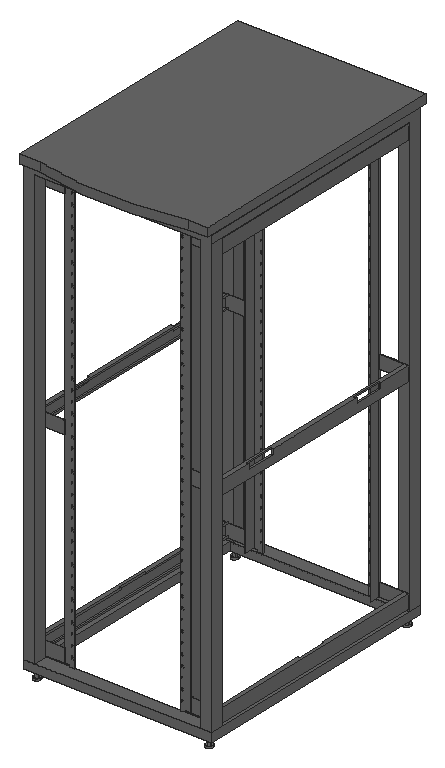
Revit family "V82A-42U-Without Doors-04.04.14", category Electrical Equipment, Revit 2013
Parameters (values of type "V82A-42U")
  Weight = 0.00 lbf
  Visibility Door Right [instance] = and(Side Panel Right, not(Hide Doors))  # no
  Visibility Door Left [instance] = and(Side Panel Left, not(Hide Doors))  # no
  Visibility Door Front [instance] = and(Door Front, not(Hide Doors))  # no
  Visibility Door Back [instance] = and(Door Back, not(Hide Doors))  # no
  Version = ""
  Usable Depth = 1006.00 mm
  U/M = "EA"
  U Space = "42"
  System = "VPOD"
  Side Panel Right = no
  Side Panel Left = no
  Serial Number = ""
  Segment = "CSS"
  Ports = 0
  Mounting rail 45 U = SIEMON STEEL
  Mounting Rail Material = SIEMON STEEL
  Model = "V82A"
  Metal = SIEMON STEEL
  Manufacturer = "SIEMON"
  Lock = ""
  Loaded/Empty = "N/A"
  Item Group = "RACKS"
  Item Class = "1F"
  Hide Doors [instance] = no
  Door Front = no
  Door Construction Side = if(and(Side Panel Right, Side Panel Left), 2, if(and(not(Side Panel Right), not(Side Panel Left)), 0, 1))  # 0
  Door Construction Front = ""
  Door Construction Back = ""
  Door Back = no
  Description = "WARNING: PLEASE RELOAD FAMILY USING THE TYPE CATALOG"
  Color = "BLACK"
  Cabinet Width Overall = 800.00 mm
  Cabinet Height = 2016.00 mm
  Cabinet Depth = 1200.00 mm
Reference planes
  plane 1 "Center (Front/Back)": y = 0
  plane 2: z = 0
  plane 3 "Center (Left/Right)": x = 0
  plane 4: z = 1922.5
  plane 5: z = 1878.05
  plane 6: z = 1833.6
  plane 7: z = 1789.15
  plane 8: z = 1744.7
  plane 9: z = 1700.25
  plane 10: z = 1655.8
  plane 11: z = 1611.35
  plane 12: z = 1566.9
  plane 13: z = 1522.45
  plane 14: z = 1478
  plane 15: z = 1433.55
  plane 16: z = 1389.1
  plane 17: z = 1344.65
  plane 18: z = 1300.2
  plane 19: z = 1255.75
  plane 20: z = 1211.3
  plane 21: z = 1166.85
  plane 22: z = 1122.4
  plane 23: z = 1077.95
  plane 24: z = 1033.5
  plane 25: z = 989.05
  plane 26: z = 944.6
  plane 27: z = 900.15
  plane 28: z = 855.7
  plane 29: z = 811.25
  plane 30: z = 766.8
  plane 31: z = 722.35
  plane 32: z = 677.9
  plane 33: z = 633.45
  plane 34: z = 589
  plane 35: z = 544.55
  plane 36: z = 500.1
  plane 37: z = 455.65
  plane 38: z = 411.2
  plane 39: z = 366.75
  plane 40: z = 322.3
  plane 41: z = 277.85
  plane 42: z = 233.4
  plane 43: z = 188.95
  plane 44: z = 144.5
  plane 45: z = 100.05
Forms (mm)
  Extrusion 1, solid, material "SIEMON STEEL" <- "Mounting rail 45 U"
    sketch origin (-0.234, -15, -124) x (1, 0, 0) y (0, 1, 0)
      loop
        line (501.3, 1185.014) -> (-298.7, 1185.014) -> (-298.7, 75) -> (501.3, 75) -> (501.3, 1185.014)
    from 2067.5 to 2098.45
  Extrusion 2, solid, material "SIEMON STEEL" <- "Mounting rail 45 U"
    sketch origin (-0.106, -90, 10) x (1, 0, 0) y (0, 1, 0)
      loop
        line (454.922, 202.733) -> (454.922, 150) -> (500.922, 150) -> (500.922, 202.733) -> (454.922, 202.733)
      loop
        line (-298.75, 202.733) -> (-298.75, 150) -> (-252.75, 150) -> (-252.75, 202.733) -> (-298.75, 202.733)
      loop
        line (501.172, 1207.872) -> (501.172, 1260) -> (455.163, 1260) -> (455.163, 1207.872) -> (501.172, 1207.872)
      loop
        line (-298.75, 1207.872) -> (-252.75, 1207.872) -> (-252.75, 1260) -> (-298.75, 1260) -> (-298.75, 1207.872)
    from 62.8 to 1933.516
  Extrusion 3, solid, material "SIEMON STEEL" <- "Mounting Rail Material"
    sketch origin (0.02, 0, 7.5) x (1, 0, 0) y (0, 1, 0)
      loop
        line (-298.72, 1170.014) -> (-298.72, 60) -> (501.366, 60) -> (501.366, 1170.014) -> (-298.72, 1170.014)
      loop
        line (-265, 1113.302) -> (-265, 116.7) -> (465, 116.7) -> (465, 1113.302) -> (-265, 1113.302)
    from 29.931 to 65.3
  Extrusion 4, solid, material "Cold rolled steel (CRS)"
    sketch origin (179.665, 750.451, 0) x (1, 0, 0) y (0, 1, 0)
      loop
        circle (289.695, 392.503) r 15
    from 0 to 5.027
  Extrusion 5, solid
    sketch origin (319.561, 202.5, 0) x (1, 0, 0) y (0, 1, 0)
      loop
        circle (149.594, 940.281) r 6
    from 5.027 to 37.431
  Extrusion 6, solid, material "Cold rolled steel (CRS)"
    sketch origin (759.046, 480.196, 0) x (-1, 0, 0) y (0, -1, 0)
      loop
        circle (289.695, 392.503) r 15
    from 0 to 5.027
  Extrusion 7, solid
    sketch origin (618.75, 1028.147, 2.069) x (-1, 0, 0) y (0, -1, 0)
      loop
        circle (149.594, 940.281) r 6
    from 2.958 to 35.361
  Extrusion 8, solid, material "SIEMON STEEL"
    sketch origin (0, -0.108, -124) x (1, 0, 0) y (0, 1, 0)
      loop
        line (-298.7, 37.656) -> (-214.7, 37.656)
        arc (-214.7, 37.656) -> (101.3, 0.156) -> (417.3, 37.656) r 1350.163
        line (417.3, 37.656) -> (501.3, 37.656) -> (501.3, 1200.156) -> (-298.7, 1200.156) -> (-298.7, 37.656)
    from 2102.5 to 2140
  Extrusion 9, solid, material "Cold rolled steel (CRS)"
    sketch origin (23.022, 750.451, 0) x (-1, 0, 0) y (0, -1, 0)
      loop
        circle (289.695, -392.503) r 15
    from 0 to 5.027
  Extrusion 10, solid
    sketch origin (-116.874, 202.5, 0) x (-1, 0, 0) y (0, -1, 0)
      loop
        circle (149.594, -940.281) r 6
    from 5.027 to 37.431
  Extrusion 11, solid, material "Cold rolled steel (CRS)"
    sketch origin (-556.36, 480.196, 0) x (1, 0, 0) y (0, 1, 0)
      loop
        circle (289.695, -392.503) r 15
    from 0 to 5.027
  Extrusion 12, solid
    sketch origin (-416.064, 1028.147, 2.069) x (1, 0, 0) y (0, 1, 0)
      loop
        circle (149.594, -940.281) r 6
    from 2.958 to 35.361
Cuts and joins
  joined: Extrusion 1, Extrusion 2
Lines and regions (mm)
  symbolic lines, detail levels fine
    curve 1: line (256.65, 1060, 61.35) -> (256.65, 1060, 65.3)
  model lines, detail levels coarse+fine
    curve 2: line (330.642, 819.199, 2018.227) -> (-126.77, 819.199, 2018.227)
    curve 3: line (334.645, 815.196, 2018.227) -> (330.642, 819.199, 2018.227)
    curve 4: circle (-51.247, 805.781, 2018.227) r 6.221 normal (0, 0, 1)
    curve 5: circle (259.43, 805.781, 2018.227) r 6.221 normal (0, 0, 1)
    curve 6: line (330.642, 653.922, 2018.227) -> (-126.77, 653.922, 2018.227)
    curve 7: line (-126.77, 653.922, 2018.227) -> (-130.773, 657.924, 2018.227)
    curve 8: line (-130.773, 657.924, 2018.227) -> (-130.773, 815.196, 2018.227)
    curve 9: line (334.645, 815.196, 2018.227) -> (334.645, 657.924, 2018.227)
    curve 10: line (334.645, 657.924, 2018.227) -> (330.642, 653.922, 2018.227)
    curve 11: circle (-51.247, 667.34, 2018.227) r 6.221 normal (0, 0, -1)
    curve 12: circle (259.43, 667.34, 2018.227) r 6.221 normal (0, 0, -1)
    curve 13: line (-130.773, 815.196, 2018.227) -> (-126.77, 819.199, 2018.227)
    curve 14: line (-187.208, 673.705, 2018.227) -> (-187.208, 1053.705, 2018.227)
    curve 15: line (-255.64, 1053.705, 2018.227) -> (-255.64, 673.705, 2018.227)
    curve 16: line (-252.64, 1053.705, 2018.227) -> (-252.64, 673.705, 2018.227)
    curve 17: line (-190.208, 673.705, 2018.227) -> (-190.208, 1053.705, 2018.227)
    curve 18: line (330.642, 628.887, 2018.227) -> (-126.77, 628.887, 2018.227)
    curve 19: line (334.645, 624.884, 2018.227) -> (330.642, 628.887, 2018.227)
    curve 20: circle (-51.247, 615.469, 2018.227) r 6.221 normal (0, 0, 1)
    curve 21: circle (259.43, 615.469, 2018.227) r 6.221 normal (0, 0, 1)
    curve 22: line (330.642, 463.609, 2018.227) -> (-126.77, 463.609, 2018.227)
    curve 23: line (-126.77, 463.609, 2018.227) -> (-130.773, 467.612, 2018.227)
    curve 24: line (-130.773, 467.612, 2018.227) -> (-130.773, 624.884, 2018.227)
    curve 25: line (334.645, 624.884, 2018.227) -> (334.645, 467.612, 2018.227)
    curve 26: line (334.645, 467.612, 2018.227) -> (330.642, 463.609, 2018.227)
    curve 27: circle (-51.247, 477.027, 2018.227) r 6.221 normal (0, 0, -1)
    curve 28: circle (259.43, 477.027, 2018.227) r 6.221 normal (0, 0, -1)
    curve 29: line (-130.773, 624.884, 2018.227) -> (-126.77, 628.887, 2018.227)
    curve 30: line (330.642, 281.699, 2018.227) -> (-126.77, 281.699, 2018.227)
    curve 31: line (334.645, 277.696, 2018.227) -> (330.642, 281.699, 2018.227)
    curve 32: circle (-51.247, 268.281, 2018.227) r 6.221 normal (0, 0, 1)
    curve 33: circle (259.43, 268.281, 2018.227) r 6.221 normal (0, 0, 1)
    curve 34: line (330.642, 116.422, 2018.227) -> (-126.77, 116.422, 2018.227)
    curve 35: line (-126.77, 116.422, 2018.227) -> (-130.773, 120.424, 2018.227)
    curve 36: line (-130.773, 120.424, 2018.227) -> (-130.773, 277.696, 2018.227)
    curve 37: line (334.645, 277.696, 2018.227) -> (334.645, 120.424, 2018.227)
    curve 38: line (334.645, 120.424, 2018.227) -> (330.642, 116.422, 2018.227)
    curve 39: circle (-51.247, 129.84, 2018.227) r 6.221 normal (0, 0, -1)
    curve 40: circle (259.43, 129.84, 2018.227) r 6.221 normal (0, 0, -1)
    curve 41: line (-130.773, 277.696, 2018.227) -> (-126.77, 281.699, 2018.227)
    curve 46: circle (-221.83, 1093.281, 2018.227) r 6.221 normal (0, 0, -1)
    curve 347: line (330.642, 1076.851, 2018.227) -> (-126.77, 1076.851, 2018.227)
    curve 348: line (334.645, 1072.849, 2018.227) -> (330.642, 1076.851, 2018.227)
    curve 349: circle (-51.247, 1063.433, 2018.227) r 6.221 normal (0, 0, 1)
    curve 350: circle (259.43, 1063.433, 2018.227) r 6.221 normal (0, 0, 1)
    curve 351: line (330.642, 911.574, 2018.227) -> (-126.77, 911.574, 2018.227)
    curve 352: line (-126.77, 911.574, 2018.227) -> (-130.773, 915.577, 2018.227)
    curve 353: line (-130.773, 915.577, 2018.227) -> (-130.773, 1072.849, 2018.227)
    curve 354: line (334.645, 1072.849, 2018.227) -> (334.645, 915.577, 2018.227)
    curve 355: line (334.645, 915.577, 2018.227) -> (330.642, 911.574, 2018.227)
    curve 356: circle (-51.247, 924.992, 2018.227) r 6.221 normal (0, 0, -1)
    curve 357: circle (259.43, 924.992, 2018.227) r 6.221 normal (0, 0, -1)
    curve 358: line (-130.773, 1072.849, 2018.227) -> (-126.77, 1076.851, 2018.227)
    curve 367: circle (-221.83, 174.316, 2018.227) r 6.221 normal (0, 0, 1)
    curve 440: line (389.808, 673.705, 2018.227) -> (389.808, 1053.705, 2018.227)
    curve 441: line (458.24, 1053.705, 2018.227) -> (458.24, 673.705, 2018.227)
    curve 442: line (455.24, 1053.705, 2018.227) -> (455.24, 673.705, 2018.227)
    curve 443: line (392.808, 673.705, 2018.227) -> (392.808, 1053.705, 2018.227)
    curve 448: circle (424.43, 1093.281, 2018.227) r 6.221 normal (0, 0, 1)
    curve 749: circle (424.43, 174.316, 2018.227) r 6.221 normal (0, 0, -1)
    curve 822: line (-187.208, 215.376, 2018.227) -> (-187.208, 595.376, 2018.227)
    curve 823: line (-255.64, 595.376, 2018.227) -> (-255.64, 215.376, 2018.227)
    curve 824: line (-252.64, 595.376, 2018.227) -> (-252.64, 215.376, 2018.227)
    curve 825: line (-190.208, 215.376, 2018.227) -> (-190.208, 595.376, 2018.227)
    curve 830: circle (-221.83, 634.952, 2018.227) r 6.221 normal (0, 0, -1)
    curve 831: line (389.808, 215.376, 2018.227) -> (389.808, 595.376, 2018.227)
    curve 832: line (458.24, 595.376, 2018.227) -> (458.24, 215.376, 2018.227)
    curve 833: line (455.24, 595.376, 2018.227) -> (455.24, 215.376, 2018.227)
    curve 834: line (392.808, 215.376, 2018.227) -> (392.808, 595.376, 2018.227)
    curve 839: circle (424.43, 634.952, 2018.227) r 6.221 normal (0, 0, 1)
  model lines
    curve 42: arc (-255.64, 1053.705, 2018.227) -> (-221.424, 1080.132, 2018.227) -> (-187.208, 1053.705, 2018.227) r 35.364
    curve 43: arc (-252.64, 1053.705, 2018.227) -> (-221.424, 1077.116, 2018.227) -> (-190.208, 1053.705, 2018.227) r 32.517
    curve 44: arc (-255.64, 673.705, 2018.227) -> (-221.424, 647.278, 2018.227) -> (-187.208, 673.705, 2018.227) r 35.364
    curve 45: arc (-252.64, 673.705, 2018.227) -> (-221.424, 650.294, 2018.227) -> (-190.208, 673.705, 2018.227) r 32.517
    curve 47: line (-268.89, 936.074, 2018.227) -> (-268.89, 939.074, 2018.227)
    curve 48: line (-268.89, 939.074, 2018.227) -> (-272.89, 939.074, 2018.227)
    curve 49: line (-272.89, 939.074, 2018.227) -> (-272.89, 941.074, 2018.227)
    curve 50: line (-272.89, 941.074, 2018.227) -> (-278.89, 941.074, 2018.227)
    curve 51: line (-282.89, 936.074, 2018.227) -> (-282.89, 939.074, 2018.227)
    curve 52: line (-282.89, 939.074, 2018.227) -> (-278.89, 939.074, 2018.227)
    curve 53: line (-278.89, 939.074, 2018.227) -> (-278.89, 941.074, 2018.227)
    curve 54: line (-268.89, 936.074, 2018.227) -> (-272.89, 936.074, 2018.227)
    curve 55: line (-272.89, 936.074, 2018.227) -> (-272.89, 934.074, 2018.227)
    curve 56: line (-272.89, 934.074, 2018.227) -> (-278.89, 934.074, 2018.227)
    curve 57: line (-282.89, 936.074, 2018.227) -> (-278.89, 936.074, 2018.227)
    curve 58: line (-278.89, 936.074, 2018.227) -> (-278.89, 934.074, 2018.227)
    curve 59: line (-268.89, 905.074, 2018.227) -> (-268.89, 902.074, 2018.227)
    curve 60: line (-268.89, 902.074, 2018.227) -> (-272.89, 902.074, 2018.227)
    curve 61: line (-272.89, 902.074, 2018.227) -> (-272.89, 900.074, 2018.227)
    curve 62: line (-272.89, 900.074, 2018.227) -> (-278.89, 900.074, 2018.227)
    curve 63: line (-282.89, 905.074, 2018.227) -> (-282.89, 902.074, 2018.227)
    curve 64: line (-282.89, 902.074, 2018.227) -> (-278.89, 902.074, 2018.227)
    curve 65: line (-278.89, 902.074, 2018.227) -> (-278.89, 900.074, 2018.227)
    curve 66: line (-268.89, 905.074, 2018.227) -> (-272.89, 905.074, 2018.227)
    curve 67: line (-272.89, 905.074, 2018.227) -> (-272.89, 907.074, 2018.227)
    curve 68: line (-272.89, 907.074, 2018.227) -> (-278.89, 907.074, 2018.227)
    curve 69: line (-282.89, 905.074, 2018.227) -> (-278.89, 905.074, 2018.227)
    curve 70: line (-278.89, 905.074, 2018.227) -> (-278.89, 907.074, 2018.227)
    curve 71: line (-268.89, 868.074, 2018.227) -> (-268.89, 871.074, 2018.227)
    curve 72: line (-268.89, 871.074, 2018.227) -> (-272.89, 871.074, 2018.227)
    curve 73: line (-272.89, 871.074, 2018.227) -> (-272.89, 873.074, 2018.227)
    curve 74: line (-272.89, 873.074, 2018.227) -> (-278.89, 873.074, 2018.227)
    curve 75: line (-282.89, 868.074, 2018.227) -> (-282.89, 871.074, 2018.227)
    curve 76: line (-282.89, 871.074, 2018.227) -> (-278.89, 871.074, 2018.227)
    curve 77: line (-278.89, 871.074, 2018.227) -> (-278.89, 873.074, 2018.227)
    curve 78: line (-268.89, 868.074, 2018.227) -> (-272.89, 868.074, 2018.227)
    curve 79: line (-272.89, 868.074, 2018.227) -> (-272.89, 866.074, 2018.227)
    curve 80: line (-272.89, 866.074, 2018.227) -> (-278.89, 866.074, 2018.227)
    curve 81: line (-282.89, 868.074, 2018.227) -> (-278.89, 868.074, 2018.227)
    curve 82: line (-278.89, 868.074, 2018.227) -> (-278.89, 866.074, 2018.227)
    curve 83: line (-268.89, 800.074, 2018.227) -> (-268.89, 803.074, 2018.227)
    curve 84: line (-268.89, 803.074, 2018.227) -> (-272.89, 803.074, 2018.227)
    curve 85: line (-272.89, 803.074, 2018.227) -> (-272.89, 805.074, 2018.227)
    curve 86: line (-272.89, 805.074, 2018.227) -> (-278.89, 805.074, 2018.227)
    curve 87: line (-282.89, 800.074, 2018.227) -> (-282.89, 803.074, 2018.227)
    curve 88: line (-282.89, 803.074, 2018.227) -> (-278.89, 803.074, 2018.227)
    curve 89: line (-278.89, 803.074, 2018.227) -> (-278.89, 805.074, 2018.227)
    curve 90: line (-268.89, 800.074, 2018.227) -> (-272.89, 800.074, 2018.227)
    curve 91: line (-272.89, 800.074, 2018.227) -> (-272.89, 798.074, 2018.227)
    curve 92: line (-272.89, 798.074, 2018.227) -> (-278.89, 798.074, 2018.227)
    curve 93: line (-282.89, 800.074, 2018.227) -> (-278.89, 800.074, 2018.227)
    curve 94: line (-278.89, 800.074, 2018.227) -> (-278.89, 798.074, 2018.227)
    curve 95: line (-268.89, 837.074, 2018.227) -> (-268.89, 834.074, 2018.227)
    curve 96: line (-268.89, 834.074, 2018.227) -> (-272.89, 834.074, 2018.227)
    curve 97: line (-272.89, 834.074, 2018.227) -> (-272.89, 832.074, 2018.227)
    curve 98: line (-272.89, 832.074, 2018.227) -> (-278.89, 832.074, 2018.227)
    curve 99: line (-282.89, 837.074, 2018.227) -> (-282.89, 834.074, 2018.227)
    curve 100: line (-282.89, 834.074, 2018.227) -> (-278.89, 834.074, 2018.227)
    curve 101: line (-278.89, 834.074, 2018.227) -> (-278.89, 832.074, 2018.227)
    curve 102: line (-268.89, 837.074, 2018.227) -> (-272.89, 837.074, 2018.227)
    curve 103: line (-272.89, 837.074, 2018.227) -> (-272.89, 839.074, 2018.227)
    curve 104: line (-272.89, 839.074, 2018.227) -> (-278.89, 839.074, 2018.227)
    curve 105: line (-282.89, 837.074, 2018.227) -> (-278.89, 837.074, 2018.227)
    curve 106: line (-278.89, 837.074, 2018.227) -> (-278.89, 839.074, 2018.227)
    curve 107: line (-268.89, 701.074, 2018.227) -> (-268.89, 698.074, 2018.227)
    curve 108: line (-268.89, 698.074, 2018.227) -> (-272.89, 698.074, 2018.227)
    curve 109: line (-272.89, 698.074, 2018.227) -> (-272.89, 696.074, 2018.227)
    curve 110: line (-272.89, 696.074, 2018.227) -> (-278.89, 696.074, 2018.227)
    curve 111: line (-282.89, 701.074, 2018.227) -> (-282.89, 698.074, 2018.227)
    curve 112: line (-282.89, 698.074, 2018.227) -> (-278.89, 698.074, 2018.227)
    curve 113: line (-278.89, 698.074, 2018.227) -> (-278.89, 696.074, 2018.227)
    curve 114: line (-268.89, 701.074, 2018.227) -> (-272.89, 701.074, 2018.227)
    curve 115: line (-272.89, 701.074, 2018.227) -> (-272.89, 703.074, 2018.227)
    curve 116: line (-272.89, 703.074, 2018.227) -> (-278.89, 703.074, 2018.227)
    curve 117: line (-282.89, 701.074, 2018.227) -> (-278.89, 701.074, 2018.227)
    curve 118: line (-278.89, 701.074, 2018.227) -> (-278.89, 703.074, 2018.227)
    curve 119: line (-268.89, 769.074, 2018.227) -> (-268.89, 766.074, 2018.227)
    curve 120: line (-268.89, 766.074, 2018.227) -> (-272.89, 766.074, 2018.227)
    curve 121: line (-272.89, 766.074, 2018.227) -> (-272.89, 764.074, 2018.227)
    curve 122: line (-272.89, 764.074, 2018.227) -> (-278.89, 764.074, 2018.227)
    curve 123: line (-282.89, 769.074, 2018.227) -> (-282.89, 766.074, 2018.227)
    curve 124: line (-282.89, 766.074, 2018.227) -> (-278.89, 766.074, 2018.227)
    curve 125: line (-278.89, 766.074, 2018.227) -> (-278.89, 764.074, 2018.227)
    curve 126: line (-268.89, 769.074, 2018.227) -> (-272.89, 769.074, 2018.227)
    curve 127: line (-272.89, 769.074, 2018.227) -> (-272.89, 771.074, 2018.227)
    curve 128: line (-272.89, 771.074, 2018.227) -> (-278.89, 771.074, 2018.227)
    curve 129: line (-282.89, 769.074, 2018.227) -> (-278.89, 769.074, 2018.227)
    curve 130: line (-278.89, 769.074, 2018.227) -> (-278.89, 771.074, 2018.227)
    curve 131: line (-268.89, 732.074, 2018.227) -> (-268.89, 735.074, 2018.227)
    curve 132: line (-268.89, 735.074, 2018.227) -> (-272.89, 735.074, 2018.227)
    curve 133: line (-272.89, 735.074, 2018.227) -> (-272.89, 737.074, 2018.227)
    curve 134: line (-272.89, 737.074, 2018.227) -> (-278.89, 737.074, 2018.227)
    curve 135: line (-282.89, 732.074, 2018.227) -> (-282.89, 735.074, 2018.227)
    curve 136: line (-282.89, 735.074, 2018.227) -> (-278.89, 735.074, 2018.227)
    curve 137: line (-278.89, 735.074, 2018.227) -> (-278.89, 737.074, 2018.227)
    curve 138: line (-268.89, 732.074, 2018.227) -> (-272.89, 732.074, 2018.227)
    curve 139: line (-272.89, 732.074, 2018.227) -> (-272.89, 730.074, 2018.227)
    curve 140: line (-272.89, 730.074, 2018.227) -> (-278.89, 730.074, 2018.227)
    curve 141: line (-282.89, 732.074, 2018.227) -> (-278.89, 732.074, 2018.227)
    curve 142: line (-278.89, 732.074, 2018.227) -> (-278.89, 730.074, 2018.227)
    curve 143: line (-268.89, 460.074, 2018.227) -> (-268.89, 463.074, 2018.227)
    curve 144: line (-268.89, 463.074, 2018.227) -> (-272.89, 463.074, 2018.227)
    curve 145: line (-272.89, 463.074, 2018.227) -> (-272.89, 465.074, 2018.227)
    curve 146: line (-272.89, 465.074, 2018.227) -> (-278.89, 465.074, 2018.227)
    curve 147: line (-282.89, 460.074, 2018.227) -> (-282.89, 463.074, 2018.227)
    curve 148: line (-282.89, 463.074, 2018.227) -> (-278.89, 463.074, 2018.227)
    curve 149: line (-278.89, 463.074, 2018.227) -> (-278.89, 465.074, 2018.227)
    curve 150: line (-268.89, 460.074, 2018.227) -> (-272.89, 460.074, 2018.227)
    curve 151: line (-272.89, 460.074, 2018.227) -> (-272.89, 458.074, 2018.227)
    curve 152: line (-272.89, 458.074, 2018.227) -> (-278.89, 458.074, 2018.227)
    curve 153: line (-282.89, 460.074, 2018.227) -> (-278.89, 460.074, 2018.227)
    curve 154: line (-278.89, 460.074, 2018.227) -> (-278.89, 458.074, 2018.227)
    curve 155: line (-268.89, 497.074, 2018.227) -> (-268.89, 494.074, 2018.227)
    curve 156: line (-268.89, 494.074, 2018.227) -> (-272.89, 494.074, 2018.227)
    curve 157: line (-272.89, 494.074, 2018.227) -> (-272.89, 492.074, 2018.227)
    curve 158: line (-272.89, 492.074, 2018.227) -> (-278.89, 492.074, 2018.227)
    curve 159: line (-282.89, 497.074, 2018.227) -> (-282.89, 494.074, 2018.227)
    curve 160: line (-282.89, 494.074, 2018.227) -> (-278.89, 494.074, 2018.227)
    curve 161: line (-278.89, 494.074, 2018.227) -> (-278.89, 492.074, 2018.227)
    curve 162: line (-268.89, 497.074, 2018.227) -> (-272.89, 497.074, 2018.227)
    curve 163: line (-272.89, 497.074, 2018.227) -> (-272.89, 499.074, 2018.227)
    curve 164: line (-272.89, 499.074, 2018.227) -> (-278.89, 499.074, 2018.227)
    curve 165: line (-282.89, 497.074, 2018.227) -> (-278.89, 497.074, 2018.227)
    curve 166: line (-278.89, 497.074, 2018.227) -> (-278.89, 499.074, 2018.227)
    curve 167: line (-268.89, 565.074, 2018.227) -> (-268.89, 562.074, 2018.227)
    curve 168: line (-268.89, 562.074, 2018.227) -> (-272.89, 562.074, 2018.227)
    curve 169: line (-272.89, 562.074, 2018.227) -> (-272.89, 560.074, 2018.227)
    curve 170: line (-272.89, 560.074, 2018.227) -> (-278.89, 560.074, 2018.227)
    curve 171: line (-282.89, 565.074, 2018.227) -> (-282.89, 562.074, 2018.227)
    curve 172: line (-282.89, 562.074, 2018.227) -> (-278.89, 562.074, 2018.227)
    curve 173: line (-278.89, 562.074, 2018.227) -> (-278.89, 560.074, 2018.227)
    curve 174: line (-268.89, 565.074, 2018.227) -> (-272.89, 565.074, 2018.227)
    curve 175: line (-272.89, 565.074, 2018.227) -> (-272.89, 567.074, 2018.227)
    curve 176: line (-272.89, 567.074, 2018.227) -> (-278.89, 567.074, 2018.227)
    curve 177: line (-282.89, 565.074, 2018.227) -> (-278.89, 565.074, 2018.227)
    curve 178: line (-278.89, 565.074, 2018.227) -> (-278.89, 567.074, 2018.227)
    curve 179: line (-268.89, 528.074, 2018.227) -> (-268.89, 531.074, 2018.227)
    curve 180: line (-268.89, 531.074, 2018.227) -> (-272.89, 531.074, 2018.227)
    curve 181: line (-272.89, 531.074, 2018.227) -> (-272.89, 533.074, 2018.227)
    curve 182: line (-272.89, 533.074, 2018.227) -> (-278.89, 533.074, 2018.227)
    curve 183: line (-282.89, 528.074, 2018.227) -> (-282.89, 531.074, 2018.227)
    curve 184: line (-282.89, 531.074, 2018.227) -> (-278.89, 531.074, 2018.227)
    curve 185: line (-278.89, 531.074, 2018.227) -> (-278.89, 533.074, 2018.227)
    curve 186: line (-268.89, 528.074, 2018.227) -> (-272.89, 528.074, 2018.227)
    curve 187: line (-272.89, 528.074, 2018.227) -> (-272.89, 526.074, 2018.227)
    curve 188: line (-272.89, 526.074, 2018.227) -> (-278.89, 526.074, 2018.227)
    curve 189: line (-282.89, 528.074, 2018.227) -> (-278.89, 528.074, 2018.227)
    curve 190: line (-278.89, 528.074, 2018.227) -> (-278.89, 526.074, 2018.227)
    curve 191: line (-268.89, 664.074, 2018.227) -> (-268.89, 667.074, 2018.227)
    curve 192: line (-268.89, 667.074, 2018.227) -> (-272.89, 667.074, 2018.227)
    curve 193: line (-272.89, 667.074, 2018.227) -> (-272.89, 669.074, 2018.227)
    curve 194: line (-272.89, 669.074, 2018.227) -> (-278.89, 669.074, 2018.227)
    curve 195: line (-282.89, 664.074, 2018.227) -> (-282.89, 667.074, 2018.227)
    curve 196: line (-282.89, 667.074, 2018.227) -> (-278.89, 667.074, 2018.227)
    curve 197: line (-278.89, 667.074, 2018.227) -> (-278.89, 669.074, 2018.227)
    curve 198: line (-268.89, 664.074, 2018.227) -> (-272.89, 664.074, 2018.227)
    curve 199: line (-272.89, 664.074, 2018.227) -> (-272.89, 662.074, 2018.227)
    curve 200: line (-272.89, 662.074, 2018.227) -> (-278.89, 662.074, 2018.227)
    curve 201: line (-282.89, 664.074, 2018.227) -> (-278.89, 664.074, 2018.227)
    curve 202: line (-278.89, 664.074, 2018.227) -> (-278.89, 662.074, 2018.227)
    curve 203: line (-268.89, 596.074, 2018.227) -> (-268.89, 599.074, 2018.227)
    curve 204: line (-268.89, 599.074, 2018.227) -> (-272.89, 599.074, 2018.227)
    curve 205: line (-272.89, 599.074, 2018.227) -> (-272.89, 601.074, 2018.227)
    curve 206: line (-272.89, 601.074, 2018.227) -> (-278.89, 601.074, 2018.227)
    curve 207: line (-282.89, 596.074, 2018.227) -> (-282.89, 599.074, 2018.227)
    curve 208: line (-282.89, 599.074, 2018.227) -> (-278.89, 599.074, 2018.227)
    curve 209: line (-278.89, 599.074, 2018.227) -> (-278.89, 601.074, 2018.227)
    curve 210: line (-268.89, 596.074, 2018.227) -> (-272.89, 596.074, 2018.227)
    curve 211: line (-272.89, 596.074, 2018.227) -> (-272.89, 594.074, 2018.227)
    curve 212: line (-272.89, 594.074, 2018.227) -> (-278.89, 594.074, 2018.227)
    curve 213: line (-282.89, 596.074, 2018.227) -> (-278.89, 596.074, 2018.227)
    curve 214: line (-278.89, 596.074, 2018.227) -> (-278.89, 594.074, 2018.227)
    curve 215: line (-268.89, 633.074, 2018.227) -> (-268.89, 630.074, 2018.227)
    curve 216: line (-268.89, 630.074, 2018.227) -> (-272.89, 630.074, 2018.227)
    curve 217: line (-272.89, 630.074, 2018.227) -> (-272.89, 628.074, 2018.227)
    curve 218: line (-272.89, 628.074, 2018.227) -> (-278.89, 628.074, 2018.227)
    curve 219: line (-282.89, 633.074, 2018.227) -> (-282.89, 630.074, 2018.227)
    curve 220: line (-282.89, 630.074, 2018.227) -> (-278.89, 630.074, 2018.227)
    curve 221: line (-278.89, 630.074, 2018.227) -> (-278.89, 628.074, 2018.227)
    curve 222: line (-268.89, 633.074, 2018.227) -> (-272.89, 633.074, 2018.227)
    curve 223: line (-272.89, 633.074, 2018.227) -> (-272.89, 635.074, 2018.227)
    curve 224: line (-272.89, 635.074, 2018.227) -> (-278.89, 635.074, 2018.227)
    curve 225: line (-282.89, 633.074, 2018.227) -> (-278.89, 633.074, 2018.227)
    curve 226: line (-278.89, 633.074, 2018.227) -> (-278.89, 635.074, 2018.227)
    curve 227: line (-268.89, 188.074, 2018.227) -> (-268.89, 191.074, 2018.227)
    curve 228: line (-268.89, 191.074, 2018.227) -> (-272.89, 191.074, 2018.227)
    curve 229: line (-272.89, 191.074, 2018.227) -> (-272.89, 193.074, 2018.227)
    curve 230: line (-272.89, 193.074, 2018.227) -> (-278.89, 193.074, 2018.227)
    curve 231: line (-282.89, 188.074, 2018.227) -> (-282.89, 191.074, 2018.227)
    curve 232: line (-282.89, 191.074, 2018.227) -> (-278.89, 191.074, 2018.227)
    curve 233: line (-278.89, 191.074, 2018.227) -> (-278.89, 193.074, 2018.227)
    curve 234: line (-268.89, 188.074, 2018.227) -> (-272.89, 188.074, 2018.227)
    curve 235: line (-272.89, 188.074, 2018.227) -> (-272.89, 186.074, 2018.227)
    curve 236: line (-272.89, 186.074, 2018.227) -> (-278.89, 186.074, 2018.227)
    curve 237: line (-282.89, 188.074, 2018.227) -> (-278.89, 188.074, 2018.227)
    curve 238: line (-278.89, 188.074, 2018.227) -> (-278.89, 186.074, 2018.227)
    curve 239: line (-268.89, 120.074, 2018.227) -> (-268.89, 123.074, 2018.227)
    curve 240: line (-268.89, 123.074, 2018.227) -> (-272.89, 123.074, 2018.227)
    curve 241: line (-272.89, 123.074, 2018.227) -> (-272.89, 125.074, 2018.227)
    curve 242: line (-272.89, 125.074, 2018.227) -> (-278.89, 125.074, 2018.227)
    curve 243: line (-282.89, 120.074, 2018.227) -> (-282.89, 123.074, 2018.227)
    curve 244: line (-282.89, 123.074, 2018.227) -> (-278.89, 123.074, 2018.227)
    curve 245: line (-278.89, 123.074, 2018.227) -> (-278.89, 125.074, 2018.227)
    curve 246: line (-268.89, 120.074, 2018.227) -> (-272.89, 120.074, 2018.227)
    curve 247: line (-272.89, 120.074, 2018.227) -> (-272.89, 118.074, 2018.227)
    curve 248: line (-272.89, 118.074, 2018.227) -> (-278.89, 118.074, 2018.227)
    curve 249: line (-282.89, 120.074, 2018.227) -> (-278.89, 120.074, 2018.227)
    curve 250: line (-278.89, 120.074, 2018.227) -> (-278.89, 118.074, 2018.227)
    curve 251: line (-268.89, 157.074, 2018.227) -> (-268.89, 154.074, 2018.227)
    curve 252: line (-268.89, 154.074, 2018.227) -> (-272.89, 154.074, 2018.227)
    curve 253: line (-272.89, 154.074, 2018.227) -> (-272.89, 152.074, 2018.227)
    curve 254: line (-272.89, 152.074, 2018.227) -> (-278.89, 152.074, 2018.227)
    curve 255: line (-282.89, 157.074, 2018.227) -> (-282.89, 154.074, 2018.227)
    curve 256: line (-282.89, 154.074, 2018.227) -> (-278.89, 154.074, 2018.227)
    curve 257: line (-278.89, 154.074, 2018.227) -> (-278.89, 152.074, 2018.227)
    curve 258: line (-268.89, 157.074, 2018.227) -> (-272.89, 157.074, 2018.227)
    curve 259: line (-272.89, 157.074, 2018.227) -> (-272.89, 159.074, 2018.227)
    curve 260: line (-272.89, 159.074, 2018.227) -> (-278.89, 159.074, 2018.227)
    curve 261: line (-282.89, 157.074, 2018.227) -> (-278.89, 157.074, 2018.227)
    curve 262: line (-278.89, 157.074, 2018.227) -> (-278.89, 159.074, 2018.227)
    curve 263: line (-268.89, 429.074, 2018.227) -> (-268.89, 426.074, 2018.227)
    curve 264: line (-268.89, 426.074, 2018.227) -> (-272.89, 426.074, 2018.227)
    curve 265: line (-272.89, 426.074, 2018.227) -> (-272.89, 424.074, 2018.227)
    curve 266: line (-272.89, 424.074, 2018.227) -> (-278.89, 424.074, 2018.227)
    curve 267: line (-282.89, 429.074, 2018.227) -> (-282.89, 426.074, 2018.227)
    curve 268: line (-282.89, 426.074, 2018.227) -> (-278.89, 426.074, 2018.227)
    curve 269: line (-278.89, 426.074, 2018.227) -> (-278.89, 424.074, 2018.227)
    curve 270: line (-268.89, 429.074, 2018.227) -> (-272.89, 429.074, 2018.227)
    curve 271: line (-272.89, 429.074, 2018.227) -> (-272.89, 431.074, 2018.227)
    curve 272: line (-272.89, 431.074, 2018.227) -> (-278.89, 431.074, 2018.227)
    curve 273: line (-282.89, 429.074, 2018.227) -> (-278.89, 429.074, 2018.227)
    curve 274: line (-278.89, 429.074, 2018.227) -> (-278.89, 431.074, 2018.227)
    curve 275: line (-268.89, 392.074, 2018.227) -> (-268.89, 395.074, 2018.227)
    curve 276: line (-268.89, 395.074, 2018.227) -> (-272.89, 395.074, 2018.227)
    curve 277: line (-272.89, 395.074, 2018.227) -> (-272.89, 397.074, 2018.227)
    curve 278: line (-272.89, 397.074, 2018.227) -> (-278.89, 397.074, 2018.227)
    curve 279: line (-282.89, 392.074, 2018.227) -> (-282.89, 395.074, 2018.227)
    curve 280: line (-282.89, 395.074, 2018.227) -> (-278.89, 395.074, 2018.227)
    curve 281: line (-278.89, 395.074, 2018.227) -> (-278.89, 397.074, 2018.227)
    curve 282: line (-268.89, 392.074, 2018.227) -> (-272.89, 392.074, 2018.227)
    curve 283: line (-272.89, 392.074, 2018.227) -> (-272.89, 390.074, 2018.227)
    curve 284: line (-272.89, 390.074, 2018.227) -> (-278.89, 390.074, 2018.227)
    curve 285: line (-282.89, 392.074, 2018.227) -> (-278.89, 392.074, 2018.227)
    curve 286: line (-278.89, 392.074, 2018.227) -> (-278.89, 390.074, 2018.227)
    curve 287: line (-268.89, 324.074, 2018.227) -> (-268.89, 327.074, 2018.227)
    curve 288: line (-268.89, 327.074, 2018.227) -> (-272.89, 327.074, 2018.227)
    curve 289: line (-272.89, 327.074, 2018.227) -> (-272.89, 329.074, 2018.227)
    curve 290: line (-272.89, 329.074, 2018.227) -> (-278.89, 329.074, 2018.227)
    curve 291: line (-282.89, 324.074, 2018.227) -> (-282.89, 327.074, 2018.227)
    curve 292: line (-282.89, 327.074, 2018.227) -> (-278.89, 327.074, 2018.227)
    curve 293: line (-278.89, 327.074, 2018.227) -> (-278.89, 329.074, 2018.227)
    curve 294: line (-268.89, 324.074, 2018.227) -> (-272.89, 324.074, 2018.227)
    curve 295: line (-272.89, 324.074, 2018.227) -> (-272.89, 322.074, 2018.227)
    curve 296: line (-272.89, 322.074, 2018.227) -> (-278.89, 322.074, 2018.227)
    curve 297: line (-282.89, 324.074, 2018.227) -> (-278.89, 324.074, 2018.227)
    curve 298: line (-278.89, 324.074, 2018.227) -> (-278.89, 322.074, 2018.227)
    curve 299: line (-268.89, 361.074, 2018.227) -> (-268.89, 358.074, 2018.227)
    curve 300: line (-268.89, 358.074, 2018.227) -> (-272.89, 358.074, 2018.227)
    curve 301: line (-272.89, 358.074, 2018.227) -> (-272.89, 356.074, 2018.227)
    curve 302: line (-272.89, 356.074, 2018.227) -> (-278.89, 356.074, 2018.227)
    curve 303: line (-282.89, 361.074, 2018.227) -> (-282.89, 358.074, 2018.227)
    curve 304: line (-282.89, 358.074, 2018.227) -> (-278.89, 358.074, 2018.227)
    curve 305: line (-278.89, 358.074, 2018.227) -> (-278.89, 356.074, 2018.227)
    curve 306: line (-268.89, 361.074, 2018.227) -> (-272.89, 361.074, 2018.227)
    curve 307: line (-272.89, 361.074, 2018.227) -> (-272.89, 363.074, 2018.227)
    curve 308: line (-272.89, 363.074, 2018.227) -> (-278.89, 363.074, 2018.227)
    curve 309: line (-282.89, 361.074, 2018.227) -> (-278.89, 361.074, 2018.227)
    curve 310: line (-278.89, 361.074, 2018.227) -> (-278.89, 363.074, 2018.227)
    curve 311: line (-268.89, 225.074, 2018.227) -> (-268.89, 222.074, 2018.227)
    curve 312: line (-268.89, 222.074, 2018.227) -> (-272.89, 222.074, 2018.227)
    curve 313: line (-272.89, 222.074, 2018.227) -> (-272.89, 220.074, 2018.227)
    curve 314: line (-272.89, 220.074, 2018.227) -> (-278.89, 220.074, 2018.227)
    curve 315: line (-282.89, 225.074, 2018.227) -> (-282.89, 222.074, 2018.227)
    curve 316: line (-282.89, 222.074, 2018.227) -> (-278.89, 222.074, 2018.227)
    curve 317: line (-278.89, 222.074, 2018.227) -> (-278.89, 220.074, 2018.227)
    curve 318: line (-268.89, 225.074, 2018.227) -> (-272.89, 225.074, 2018.227)
    curve 319: line (-272.89, 225.074, 2018.227) -> (-272.89, 227.074, 2018.227)
    curve 320: line (-272.89, 227.074, 2018.227) -> (-278.89, 227.074, 2018.227)
    curve 321: line (-282.89, 225.074, 2018.227) -> (-278.89, 225.074, 2018.227)
    curve 322: line (-278.89, 225.074, 2018.227) -> (-278.89, 227.074, 2018.227)
    curve 323: line (-268.89, 293.074, 2018.227) -> (-268.89, 290.074, 2018.227)
    curve 324: line (-268.89, 290.074, 2018.227) -> (-272.89, 290.074, 2018.227)
    curve 325: line (-272.89, 290.074, 2018.227) -> (-272.89, 288.074, 2018.227)
    curve 326: line (-272.89, 288.074, 2018.227) -> (-278.89, 288.074, 2018.227)
    curve 327: line (-282.89, 293.074, 2018.227) -> (-282.89, 290.074, 2018.227)
    curve 328: line (-282.89, 290.074, 2018.227) -> (-278.89, 290.074, 2018.227)
    curve 329: line (-278.89, 290.074, 2018.227) -> (-278.89, 288.074, 2018.227)
    curve 330: line (-268.89, 293.074, 2018.227) -> (-272.89, 293.074, 2018.227)
    curve 331: line (-272.89, 293.074, 2018.227) -> (-272.89, 295.074, 2018.227)
    curve 332: line (-272.89, 295.074, 2018.227) -> (-278.89, 295.074, 2018.227)
    curve 333: line (-282.89, 293.074, 2018.227) -> (-278.89, 293.074, 2018.227)
    curve 334: line (-278.89, 293.074, 2018.227) -> (-278.89, 295.074, 2018.227)
    curve 335: line (-268.89, 256.074, 2018.227) -> (-268.89, 259.074, 2018.227)
    curve 336: line (-268.89, 259.074, 2018.227) -> (-272.89, 259.074, 2018.227)
    curve 337: line (-272.89, 259.074, 2018.227) -> (-272.89, 261.074, 2018.227)
    curve 338: line (-272.89, 261.074, 2018.227) -> (-278.89, 261.074, 2018.227)
    curve 339: line (-282.89, 256.074, 2018.227) -> (-282.89, 259.074, 2018.227)
    curve 340: line (-282.89, 259.074, 2018.227) -> (-278.89, 259.074, 2018.227)
    curve 341: line (-278.89, 259.074, 2018.227) -> (-278.89, 261.074, 2018.227)
    curve 342: line (-268.89, 256.074, 2018.227) -> (-272.89, 256.074, 2018.227)
    curve 343: line (-272.89, 256.074, 2018.227) -> (-272.89, 254.074, 2018.227)
    curve 344: line (-272.89, 254.074, 2018.227) -> (-278.89, 254.074, 2018.227)
    curve 345: line (-282.89, 256.074, 2018.227) -> (-278.89, 256.074, 2018.227)
    curve 346: line (-278.89, 256.074, 2018.227) -> (-278.89, 254.074, 2018.227)
    curve 359: line (-119.593, 1111.548, 2018.227) -> (323.466, 1111.548, 2018.227)
    curve 360: line (-178.773, 1052.368, 2018.227) -> (-178.773, 488.091, 2018.227)
    curve 361: line (-119.911, 429.23, 2018.227) -> (323.784, 429.23, 2018.227)
    curve 362: line (379.587, 1055.427, 2018.227) -> (379.587, 485.034, 2018.227)
    curve 363: line (-119.593, 1111.548, 2018.227) -> (-178.773, 1052.368, 2018.227)
    curve 364: line (323.466, 1111.548, 2018.227) -> (379.587, 1055.427, 2018.227)
    curve 365: line (-119.911, 429.23, 2018.227) -> (-178.773, 488.091, 2018.227)
    curve 366: line (323.784, 429.23, 2018.227) -> (379.587, 485.034, 2018.227)
    curve 368: line (-268.89, 973.074, 2018.227) -> (-268.89, 970.074, 2018.227)
    curve 369: line (-268.89, 970.074, 2018.227) -> (-272.89, 970.074, 2018.227)
    curve 370: line (-272.89, 970.074, 2018.227) -> (-272.89, 968.074, 2018.227)
    curve 371: line (-272.89, 968.074, 2018.227) -> (-278.89, 968.074, 2018.227)
    curve 372: line (-282.89, 973.074, 2018.227) -> (-282.89, 970.074, 2018.227)
    curve 373: line (-282.89, 970.074, 2018.227) -> (-278.89, 970.074, 2018.227)
    curve 374: line (-278.89, 970.074, 2018.227) -> (-278.89, 968.074, 2018.227)
    curve 375: line (-268.89, 973.074, 2018.227) -> (-272.89, 973.074, 2018.227)
    curve 376: line (-272.89, 973.074, 2018.227) -> (-272.89, 975.074, 2018.227)
    curve 377: line (-272.89, 975.074, 2018.227) -> (-278.89, 975.074, 2018.227)
    curve 378: line (-282.89, 973.074, 2018.227) -> (-278.89, 973.074, 2018.227)
    curve 379: line (-278.89, 973.074, 2018.227) -> (-278.89, 975.074, 2018.227)
    curve 380: line (-268.89, 1004.074, 2018.227) -> (-268.89, 1007.074, 2018.227)
    curve 381: line (-268.89, 1007.074, 2018.227) -> (-272.89, 1007.074, 2018.227)
    curve 382: line (-272.89, 1007.074, 2018.227) -> (-272.89, 1009.074, 2018.227)
    curve 383: line (-272.89, 1009.074, 2018.227) -> (-278.89, 1009.074, 2018.227)
    curve 384: line (-282.89, 1004.074, 2018.227) -> (-282.89, 1007.074, 2018.227)
    curve 385: line (-282.89, 1007.074, 2018.227) -> (-278.89, 1007.074, 2018.227)
    curve 386: line (-278.89, 1007.074, 2018.227) -> (-278.89, 1009.074, 2018.227)
    curve 387: line (-268.89, 1004.074, 2018.227) -> (-272.89, 1004.074, 2018.227)
    curve 388: line (-272.89, 1004.074, 2018.227) -> (-272.89, 1002.074, 2018.227)
    curve 389: line (-272.89, 1002.074, 2018.227) -> (-278.89, 1002.074, 2018.227)
    curve 390: line (-282.89, 1004.074, 2018.227) -> (-278.89, 1004.074, 2018.227)
    curve 391: line (-278.89, 1004.074, 2018.227) -> (-278.89, 1002.074, 2018.227)
    curve 392: line (-268.89, 1072.074, 2018.227) -> (-268.89, 1075.074, 2018.227)
    curve 393: line (-268.89, 1075.074, 2018.227) -> (-272.89, 1075.074, 2018.227)
    curve 394: line (-272.89, 1075.074, 2018.227) -> (-272.89, 1077.074, 2018.227)
    curve 395: line (-272.89, 1077.074, 2018.227) -> (-278.89, 1077.074, 2018.227)
    curve 396: line (-282.89, 1072.074, 2018.227) -> (-282.89, 1075.074, 2018.227)
    curve 397: line (-282.89, 1075.074, 2018.227) -> (-278.89, 1075.074, 2018.227)
    curve 398: line (-278.89, 1075.074, 2018.227) -> (-278.89, 1077.074, 2018.227)
    curve 399: line (-268.89, 1072.074, 2018.227) -> (-272.89, 1072.074, 2018.227)
    curve 400: line (-272.89, 1072.074, 2018.227) -> (-272.89, 1070.074, 2018.227)
    curve 401: line (-272.89, 1070.074, 2018.227) -> (-278.89, 1070.074, 2018.227)
    curve 402: line (-282.89, 1072.074, 2018.227) -> (-278.89, 1072.074, 2018.227)
    curve 403: line (-278.89, 1072.074, 2018.227) -> (-278.89, 1070.074, 2018.227)
    curve 404: line (-268.89, 1041.074, 2018.227) -> (-268.89, 1038.074, 2018.227)
    curve 405: line (-268.89, 1038.074, 2018.227) -> (-272.89, 1038.074, 2018.227)
    curve 406: line (-272.89, 1038.074, 2018.227) -> (-272.89, 1036.074, 2018.227)
    curve 407: line (-272.89, 1036.074, 2018.227) -> (-278.89, 1036.074, 2018.227)
    curve 408: line (-282.89, 1041.074, 2018.227) -> (-282.89, 1038.074, 2018.227)
    curve 409: line (-282.89, 1038.074, 2018.227) -> (-278.89, 1038.074, 2018.227)
    curve 410: line (-278.89, 1038.074, 2018.227) -> (-278.89, 1036.074, 2018.227)
    curve 411: line (-268.89, 1041.074, 2018.227) -> (-272.89, 1041.074, 2018.227)
    curve 412: line (-272.89, 1041.074, 2018.227) -> (-272.89, 1043.074, 2018.227)
    curve 413: line (-272.89, 1043.074, 2018.227) -> (-278.89, 1043.074, 2018.227)
    curve 414: line (-282.89, 1041.074, 2018.227) -> (-278.89, 1041.074, 2018.227)
    curve 415: line (-278.89, 1041.074, 2018.227) -> (-278.89, 1043.074, 2018.227)
    curve 416: line (-268.89, 1109.074, 2018.227) -> (-268.89, 1106.074, 2018.227)
    curve 417: line (-268.89, 1106.074, 2018.227) -> (-272.89, 1106.074, 2018.227)
    curve 418: line (-272.89, 1106.074, 2018.227) -> (-272.89, 1104.074, 2018.227)
    curve 419: line (-272.89, 1104.074, 2018.227) -> (-278.89, 1104.074, 2018.227)
    curve 420: line (-282.89, 1109.074, 2018.227) -> (-282.89, 1106.074, 2018.227)
    curve 421: line (-282.89, 1106.074, 2018.227) -> (-278.89, 1106.074, 2018.227)
    curve 422: line (-278.89, 1106.074, 2018.227) -> (-278.89, 1104.074, 2018.227)
    curve 423: line (-268.89, 1109.074, 2018.227) -> (-272.89, 1109.074, 2018.227)
    curve 424: line (-272.89, 1109.074, 2018.227) -> (-272.89, 1111.074, 2018.227)
    curve 425: line (-272.89, 1111.074, 2018.227) -> (-278.89, 1111.074, 2018.227)
    curve 426: line (-282.89, 1109.074, 2018.227) -> (-278.89, 1109.074, 2018.227)
    curve 427: line (-278.89, 1109.074, 2018.227) -> (-278.89, 1111.074, 2018.227)
    curve 428: line (-268.89, 1140.074, 2018.227) -> (-268.89, 1143.074, 2018.227)
    curve 429: line (-268.89, 1143.074, 2018.227) -> (-272.89, 1143.074, 2018.227)
    curve 430: line (-272.89, 1143.074, 2018.227) -> (-272.89, 1145.074, 2018.227)
    curve 431: line (-272.89, 1145.074, 2018.227) -> (-278.89, 1145.074, 2018.227)
    curve 432: line (-282.89, 1140.074, 2018.227) -> (-282.89, 1143.074, 2018.227)
    curve 433: line (-282.89, 1143.074, 2018.227) -> (-278.89, 1143.074, 2018.227)
    curve 434: line (-278.89, 1143.074, 2018.227) -> (-278.89, 1145.074, 2018.227)
    curve 435: line (-268.89, 1140.074, 2018.227) -> (-272.89, 1140.074, 2018.227)
    curve 436: line (-272.89, 1140.074, 2018.227) -> (-272.89, 1138.074, 2018.227)
    curve 437: line (-272.89, 1138.074, 2018.227) -> (-278.89, 1138.074, 2018.227)
    curve 438: line (-282.89, 1140.074, 2018.227) -> (-278.89, 1140.074, 2018.227)
    curve 439: line (-278.89, 1140.074, 2018.227) -> (-278.89, 1138.074, 2018.227)
    curve 444: arc (458.24, 1053.705, 2018.227) -> (424.024, 1080.132, 2018.227) -> (389.808, 1053.705, 2018.227) r 35.364
    curve 445: arc (455.24, 1053.705, 2018.227) -> (424.024, 1077.116, 2018.227) -> (392.808, 1053.705, 2018.227) r 32.517
    curve 446: arc (458.24, 673.705, 2018.227) -> (424.024, 647.278, 2018.227) -> (389.808, 673.705, 2018.227) r 35.364
    curve 447: arc (455.24, 673.705, 2018.227) -> (424.024, 650.294, 2018.227) -> (392.808, 673.705, 2018.227) r 32.517
    curve 449: line (471.49, 936.074, 2018.227) -> (471.49, 939.074, 2018.227)
    curve 450: line (471.49, 939.074, 2018.227) -> (475.49, 939.074, 2018.227)
    curve 451: line (475.49, 939.074, 2018.227) -> (475.49, 941.074, 2018.227)
    curve 452: line (475.49, 941.074, 2018.227) -> (481.49, 941.074, 2018.227)
    curve 453: line (485.49, 936.074, 2018.227) -> (485.49, 939.074, 2018.227)
    curve 454: line (485.49, 939.074, 2018.227) -> (481.49, 939.074, 2018.227)
    curve 455: line (481.49, 939.074, 2018.227) -> (481.49, 941.074, 2018.227)
    curve 456: line (471.49, 936.074, 2018.227) -> (475.49, 936.074, 2018.227)
    curve 457: line (475.49, 936.074, 2018.227) -> (475.49, 934.074, 2018.227)
    curve 458: line (475.49, 934.074, 2018.227) -> (481.49, 934.074, 2018.227)
    curve 459: line (485.49, 936.074, 2018.227) -> (481.49, 936.074, 2018.227)
    curve 460: line (481.49, 936.074, 2018.227) -> (481.49, 934.074, 2018.227)
    curve 461: line (471.49, 905.074, 2018.227) -> (471.49, 902.074, 2018.227)
    curve 462: line (471.49, 902.074, 2018.227) -> (475.49, 902.074, 2018.227)
    curve 463: line (475.49, 902.074, 2018.227) -> (475.49, 900.074, 2018.227)
    curve 464: line (475.49, 900.074, 2018.227) -> (481.49, 900.074, 2018.227)
    curve 465: line (485.49, 905.074, 2018.227) -> (485.49, 902.074, 2018.227)
    curve 466: line (485.49, 902.074, 2018.227) -> (481.49, 902.074, 2018.227)
    curve 467: line (481.49, 902.074, 2018.227) -> (481.49, 900.074, 2018.227)
    curve 468: line (471.49, 905.074, 2018.227) -> (475.49, 905.074, 2018.227)
    curve 469: line (475.49, 905.074, 2018.227) -> (475.49, 907.074, 2018.227)
    curve 470: line (475.49, 907.074, 2018.227) -> (481.49, 907.074, 2018.227)
    curve 471: line (485.49, 905.074, 2018.227) -> (481.49, 905.074, 2018.227)
    curve 472: line (481.49, 905.074, 2018.227) -> (481.49, 907.074, 2018.227)
    curve 473: line (471.49, 868.074, 2018.227) -> (471.49, 871.074, 2018.227)
    curve 474: line (471.49, 871.074, 2018.227) -> (475.49, 871.074, 2018.227)
    curve 475: line (475.49, 871.074, 2018.227) -> (475.49, 873.074, 2018.227)
    curve 476: line (475.49, 873.074, 2018.227) -> (481.49, 873.074, 2018.227)
    curve 477: line (485.49, 868.074, 2018.227) -> (485.49, 871.074, 2018.227)
    curve 478: line (485.49, 871.074, 2018.227) -> (481.49, 871.074, 2018.227)
    curve 479: line (481.49, 871.074, 2018.227) -> (481.49, 873.074, 2018.227)
    curve 480: line (471.49, 868.074, 2018.227) -> (475.49, 868.074, 2018.227)
    curve 481: line (475.49, 868.074, 2018.227) -> (475.49, 866.074, 2018.227)
    curve 482: line (475.49, 866.074, 2018.227) -> (481.49, 866.074, 2018.227)
    curve 483: line (485.49, 868.074, 2018.227) -> (481.49, 868.074, 2018.227)
    curve 484: line (481.49, 868.074, 2018.227) -> (481.49, 866.074, 2018.227)
    curve 485: line (471.49, 800.074, 2018.227) -> (471.49, 803.074, 2018.227)
    curve 486: line (471.49, 803.074, 2018.227) -> (475.49, 803.074, 2018.227)
    curve 487: line (475.49, 803.074, 2018.227) -> (475.49, 805.074, 2018.227)
    curve 488: line (475.49, 805.074, 2018.227) -> (481.49, 805.074, 2018.227)
    curve 489: line (485.49, 800.074, 2018.227) -> (485.49, 803.074, 2018.227)
    curve 490: line (485.49, 803.074, 2018.227) -> (481.49, 803.074, 2018.227)
    curve 491: line (481.49, 803.074, 2018.227) -> (481.49, 805.074, 2018.227)
    curve 492: line (471.49, 800.074, 2018.227) -> (475.49, 800.074, 2018.227)
    curve 493: line (475.49, 800.074, 2018.227) -> (475.49, 798.074, 2018.227)
    curve 494: line (475.49, 798.074, 2018.227) -> (481.49, 798.074, 2018.227)
    curve 495: line (485.49, 800.074, 2018.227) -> (481.49, 800.074, 2018.227)
    curve 496: line (481.49, 800.074, 2018.227) -> (481.49, 798.074, 2018.227)
    curve 497: line (471.49, 837.074, 2018.227) -> (471.49, 834.074, 2018.227)
    curve 498: line (471.49, 834.074, 2018.227) -> (475.49, 834.074, 2018.227)
    curve 499: line (475.49, 834.074, 2018.227) -> (475.49, 832.074, 2018.227)
    curve 500: line (475.49, 832.074, 2018.227) -> (481.49, 832.074, 2018.227)
    curve 501: line (485.49, 837.074, 2018.227) -> (485.49, 834.074, 2018.227)
    curve 502: line (485.49, 834.074, 2018.227) -> (481.49, 834.074, 2018.227)
    curve 503: line (481.49, 834.074, 2018.227) -> (481.49, 832.074, 2018.227)
    curve 504: line (471.49, 837.074, 2018.227) -> (475.49, 837.074, 2018.227)
    curve 505: line (475.49, 837.074, 2018.227) -> (475.49, 839.074, 2018.227)
    curve 506: line (475.49, 839.074, 2018.227) -> (481.49, 839.074, 2018.227)
    curve 507: line (485.49, 837.074, 2018.227) -> (481.49, 837.074, 2018.227)
    curve 508: line (481.49, 837.074, 2018.227) -> (481.49, 839.074, 2018.227)
    curve 509: line (471.49, 701.074, 2018.227) -> (471.49, 698.074, 2018.227)
    curve 510: line (471.49, 698.074, 2018.227) -> (475.49, 698.074, 2018.227)
    curve 511: line (475.49, 698.074, 2018.227) -> (475.49, 696.074, 2018.227)
    curve 512: line (475.49, 696.074, 2018.227) -> (481.49, 696.074, 2018.227)
    curve 513: line (485.49, 701.074, 2018.227) -> (485.49, 698.074, 2018.227)
    curve 514: line (485.49, 698.074, 2018.227) -> (481.49, 698.074, 2018.227)
    curve 515: line (481.49, 698.074, 2018.227) -> (481.49, 696.074, 2018.227)
    curve 516: line (471.49, 701.074, 2018.227) -> (475.49, 701.074, 2018.227)
    curve 517: line (475.49, 701.074, 2018.227) -> (475.49, 703.074, 2018.227)
    curve 518: line (475.49, 703.074, 2018.227) -> (481.49, 703.074, 2018.227)
    curve 519: line (485.49, 701.074, 2018.227) -> (481.49, 701.074, 2018.227)
    curve 520: line (481.49, 701.074, 2018.227) -> (481.49, 703.074, 2018.227)
    curve 521: line (471.49, 769.074, 2018.227) -> (471.49, 766.074, 2018.227)
    curve 522: line (471.49, 766.074, 2018.227) -> (475.49, 766.074, 2018.227)
    curve 523: line (475.49, 766.074, 2018.227) -> (475.49, 764.074, 2018.227)
    curve 524: line (475.49, 764.074, 2018.227) -> (481.49, 764.074, 2018.227)
    curve 525: line (485.49, 769.074, 2018.227) -> (485.49, 766.074, 2018.227)
    curve 526: line (485.49, 766.074, 2018.227) -> (481.49, 766.074, 2018.227)
    curve 527: line (481.49, 766.074, 2018.227) -> (481.49, 764.074, 2018.227)
    curve 528: line (471.49, 769.074, 2018.227) -> (475.49, 769.074, 2018.227)
    curve 529: line (475.49, 769.074, 2018.227) -> (475.49, 771.074, 2018.227)
    curve 530: line (475.49, 771.074, 2018.227) -> (481.49, 771.074, 2018.227)
    curve 531: line (485.49, 769.074, 2018.227) -> (481.49, 769.074, 2018.227)
    curve 532: line (481.49, 769.074, 2018.227) -> (481.49, 771.074, 2018.227)
    curve 533: line (471.49, 732.074, 2018.227) -> (471.49, 735.074, 2018.227)
    curve 534: line (471.49, 735.074, 2018.227) -> (475.49, 735.074, 2018.227)
    curve 535: line (475.49, 735.074, 2018.227) -> (475.49, 737.074, 2018.227)
    curve 536: line (475.49, 737.074, 2018.227) -> (481.49, 737.074, 2018.227)
    curve 537: line (485.49, 732.074, 2018.227) -> (485.49, 735.074, 2018.227)
    curve 538: line (485.49, 735.074, 2018.227) -> (481.49, 735.074, 2018.227)
    curve 539: line (481.49, 735.074, 2018.227) -> (481.49, 737.074, 2018.227)
    curve 540: line (471.49, 732.074, 2018.227) -> (475.49, 732.074, 2018.227)
    curve 541: line (475.49, 732.074, 2018.227) -> (475.49, 730.074, 2018.227)
    curve 542: line (475.49, 730.074, 2018.227) -> (481.49, 730.074, 2018.227)
    curve 543: line (485.49, 732.074, 2018.227) -> (481.49, 732.074, 2018.227)
    curve 544: line (481.49, 732.074, 2018.227) -> (481.49, 730.074, 2018.227)
    curve 545: line (471.49, 460.074, 2018.227) -> (471.49, 463.074, 2018.227)
    curve 546: line (471.49, 463.074, 2018.227) -> (475.49, 463.074, 2018.227)
    curve 547: line (475.49, 463.074, 2018.227) -> (475.49, 465.074, 2018.227)
    curve 548: line (475.49, 465.074, 2018.227) -> (481.49, 465.074, 2018.227)
    curve 549: line (485.49, 460.074, 2018.227) -> (485.49, 463.074, 2018.227)
    curve 550: line (485.49, 463.074, 2018.227) -> (481.49, 463.074, 2018.227)
    curve 551: line (481.49, 463.074, 2018.227) -> (481.49, 465.074, 2018.227)
    curve 552: line (471.49, 460.074, 2018.227) -> (475.49, 460.074, 2018.227)
    curve 553: line (475.49, 460.074, 2018.227) -> (475.49, 458.074, 2018.227)
    curve 554: line (475.49, 458.074, 2018.227) -> (481.49, 458.074, 2018.227)
    curve 555: line (485.49, 460.074, 2018.227) -> (481.49, 460.074, 2018.227)
    curve 556: line (481.49, 460.074, 2018.227) -> (481.49, 458.074, 2018.227)
    curve 557: line (471.49, 497.074, 2018.227) -> (471.49, 494.074, 2018.227)
    curve 558: line (471.49, 494.074, 2018.227) -> (475.49, 494.074, 2018.227)
    curve 559: line (475.49, 494.074, 2018.227) -> (475.49, 492.074, 2018.227)
    curve 560: line (475.49, 492.074, 2018.227) -> (481.49, 492.074, 2018.227)
    curve 561: line (485.49, 497.074, 2018.227) -> (485.49, 494.074, 2018.227)
    curve 562: line (485.49, 494.074, 2018.227) -> (481.49, 494.074, 2018.227)
    curve 563: line (481.49, 494.074, 2018.227) -> (481.49, 492.074, 2018.227)
    curve 564: line (471.49, 497.074, 2018.227) -> (475.49, 497.074, 2018.227)
    curve 565: line (475.49, 497.074, 2018.227) -> (475.49, 499.074, 2018.227)
    curve 566: line (475.49, 499.074, 2018.227) -> (481.49, 499.074, 2018.227)
    curve 567: line (485.49, 497.074, 2018.227) -> (481.49, 497.074, 2018.227)
    curve 568: line (481.49, 497.074, 2018.227) -> (481.49, 499.074, 2018.227)
    curve 569: line (471.49, 565.074, 2018.227) -> (471.49, 562.074, 2018.227)
    curve 570: line (471.49, 562.074, 2018.227) -> (475.49, 562.074, 2018.227)
    curve 571: line (475.49, 562.074, 2018.227) -> (475.49, 560.074, 2018.227)
    curve 572: line (475.49, 560.074, 2018.227) -> (481.49, 560.074, 2018.227)
    curve 573: line (485.49, 565.074, 2018.227) -> (485.49, 562.074, 2018.227)
    curve 574: line (485.49, 562.074, 2018.227) -> (481.49, 562.074, 2018.227)
    curve 575: line (481.49, 562.074, 2018.227) -> (481.49, 560.074, 2018.227)
    curve 576: line (471.49, 565.074, 2018.227) -> (475.49, 565.074, 2018.227)
    curve 577: line (475.49, 565.074, 2018.227) -> (475.49, 567.074, 2018.227)
    curve 578: line (475.49, 567.074, 2018.227) -> (481.49, 567.074, 2018.227)
    curve 579: line (485.49, 565.074, 2018.227) -> (481.49, 565.074, 2018.227)
    curve 580: line (481.49, 565.074, 2018.227) -> (481.49, 567.074, 2018.227)
    curve 581: line (471.49, 528.074, 2018.227) -> (471.49, 531.074, 2018.227)
    curve 582: line (471.49, 531.074, 2018.227) -> (475.49, 531.074, 2018.227)
    curve 583: line (475.49, 531.074, 2018.227) -> (475.49, 533.074, 2018.227)
    curve 584: line (475.49, 533.074, 2018.227) -> (481.49, 533.074, 2018.227)
    curve 585: line (485.49, 528.074, 2018.227) -> (485.49, 531.074, 2018.227)
    curve 586: line (485.49, 531.074, 2018.227) -> (481.49, 531.074, 2018.227)
    curve 587: line (481.49, 531.074, 2018.227) -> (481.49, 533.074, 2018.227)
    curve 588: line (471.49, 528.074, 2018.227) -> (475.49, 528.074, 2018.227)
    curve 589: line (475.49, 528.074, 2018.227) -> (475.49, 526.074, 2018.227)
    curve 590: line (475.49, 526.074, 2018.227) -> (481.49, 526.074, 2018.227)
    curve 591: line (485.49, 528.074, 2018.227) -> (481.49, 528.074, 2018.227)
    curve 592: line (481.49, 528.074, 2018.227) -> (481.49, 526.074, 2018.227)
    curve 593: line (471.49, 664.074, 2018.227) -> (471.49, 667.074, 2018.227)
    curve 594: line (471.49, 667.074, 2018.227) -> (475.49, 667.074, 2018.227)
    curve 595: line (475.49, 667.074, 2018.227) -> (475.49, 669.074, 2018.227)
    curve 596: line (475.49, 669.074, 2018.227) -> (481.49, 669.074, 2018.227)
    curve 597: line (485.49, 664.074, 2018.227) -> (485.49, 667.074, 2018.227)
    curve 598: line (485.49, 667.074, 2018.227) -> (481.49, 667.074, 2018.227)
    curve 599: line (481.49, 667.074, 2018.227) -> (481.49, 669.074, 2018.227)
    curve 600: line (471.49, 664.074, 2018.227) -> (475.49, 664.074, 2018.227)
    curve 601: line (475.49, 664.074, 2018.227) -> (475.49, 662.074, 2018.227)
    curve 602: line (475.49, 662.074, 2018.227) -> (481.49, 662.074, 2018.227)
    curve 603: line (485.49, 664.074, 2018.227) -> (481.49, 664.074, 2018.227)
    curve 604: line (481.49, 664.074, 2018.227) -> (481.49, 662.074, 2018.227)
    curve 605: line (471.49, 596.074, 2018.227) -> (471.49, 599.074, 2018.227)
    curve 606: line (471.49, 599.074, 2018.227) -> (475.49, 599.074, 2018.227)
    curve 607: line (475.49, 599.074, 2018.227) -> (475.49, 601.074, 2018.227)
    curve 608: line (475.49, 601.074, 2018.227) -> (481.49, 601.074, 2018.227)
    curve 609: line (485.49, 596.074, 2018.227) -> (485.49, 599.074, 2018.227)
    curve 610: line (485.49, 599.074, 2018.227) -> (481.49, 599.074, 2018.227)
    curve 611: line (481.49, 599.074, 2018.227) -> (481.49, 601.074, 2018.227)
    curve 612: line (471.49, 596.074, 2018.227) -> (475.49, 596.074, 2018.227)
    curve 613: line (475.49, 596.074, 2018.227) -> (475.49, 594.074, 2018.227)
    curve 614: line (475.49, 594.074, 2018.227) -> (481.49, 594.074, 2018.227)
    curve 615: line (485.49, 596.074, 2018.227) -> (481.49, 596.074, 2018.227)
    curve 616: line (481.49, 596.074, 2018.227) -> (481.49, 594.074, 2018.227)
    curve 617: line (471.49, 633.074, 2018.227) -> (471.49, 630.074, 2018.227)
    curve 618: line (471.49, 630.074, 2018.227) -> (475.49, 630.074, 2018.227)
    curve 619: line (475.49, 630.074, 2018.227) -> (475.49, 628.074, 2018.227)
